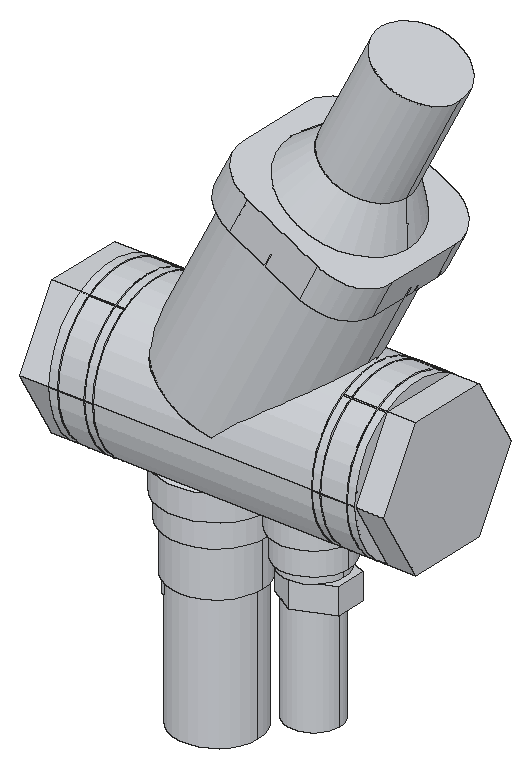
Revit family "Sigma_Compact_DN025 HF_s vyp_RFA_2018", category Pipe Accessories, Revit 2018
Family settings
  Round Connector Dimension = Use Diameter
  Part Type = Valve - Breaks Into
  Work Plane-Based = No
  Always vertical = Yes
  Cut with Voids When Loaded = No
  Shared = No
Parameters (values of type "Sigma Compact DN 25 HF s vypouštěním")
  magiProductId = "353cd751c7f74c09a1eb930e23bd36"
  magiProductFamilyId = "d1104e7aca644fe4921023cda881a0"
  magiPartTypeId = 304
  isMeasuringValve [instance] = no
  ang2D [instance] = 0.00°
  Z6 = 27 mm
  Z5 = 63 mm
  Z4 = 54 mm
  Z3 = 9 mm
  Z2 = 45 mm
  XR2 = 25 mm
  XR1 = 13 mm
  W2D = 15 mm
  VersionID = "2.0/2018.12.13.2/FRESE_SIGMA_PLUG_Q13_001"
  Use Minimum Symbol Size [instance] = no
  URL = "www.hydronic.cz"
  Type Comments = "závitový; vnitřní závit; PN25; max dp=400kPa; -10~+120°C; max uzavírací tlak 1MPa"
  R4 = 15 mm
  R3 = 10 mm
  R2 = 18 mm
  R1 = 19 mm
  QmdConnectorList = "301;D;302;D"
  Productdata [instance] = ""
  NL__ve = -NL  # -16.6 mm
  NL = 16.6 mm
  Manufacturer = "Hydronic System Prague s.r.o."
  MC Use Limits From Balancing Method = no
  MC Throttling Minimum Value = 0
  MC Throttling Maximum Value = 0
  MC Product Code = "53-2229 DN25 FF s měřením a vypouštěním; (137-2400 l/h); kvs=4,2"
  MC Pressure Drop Minimum Value = 0.0 Pa
  MC Pressure Drop Maximum Value = 0.0 Pa
  MC Piping Given Pressure Drop [instance] = 0.0 Pa
  M5 = 34.9 mm
  M4 = 32.9 mm
  M3 = 26.9 mm
  M2 = 24.9 mm
  LP = 41.5 mm
  LM = 49.8 mm
  LL__ve = -LL  # -5.9 mm
  LLT__ve = -LLT  # -16.3 mm
  LLT = 16.3 mm
  LLL = 11 mm
  LL3 = 43 mm
  LL2 = 34 mm
  LL = 5.9 mm
  L3 = 11 mm
  L2D_Min = 30.48 mm
  L2D = 65 mm
  Description = "Automatický vyvažovací ventil"
  DR1 = yes
  DR0 = no
  DL2 = 68 mm
  D = 25 mm
  CenSd_R2_6 = R2 * cos(30.00°)  # 15.588 mm
  CAT0 = yes
  C0D1 = yes
  C0D0 = no
Types (3, lengths in mm): name | magiProductId | Z6 | Z5 | Z4 | Z3 | Z2 | R2 | NL__ve | NL | MC Product Code | M5 | M4 | M3 | M2 | LP | LM | LL__ve | LLT__ve | LLT | LL3 | LL2 | LL | DL2 | D | CenSd_R2_6
  Sigma Compact DN 15 HF s vypouštěním | "e0eed5f915b34df8bba526f8d48f95" | 26.1 | 60.9 | 52.2 | 8.7 | 43.5 | 14 | -15 | 15 | "53-2221 DN15 FF s měřením a vypouštěním; (60-1080 l/h); kvs=2,6" | 32.5 | 30.5 | 24.5 | 22.5 | 37.5 | 45 | -5.7 | -14.9 | 14.9 | 41 | 32 | 5.7 | 66 | 15 | 12.124
  Sigma Compact DN 20 HF s vypouštěním | "4de04bc937484e42b40234d175e017" | 26.1 | 60.9 | 52.2 | 8.7 | 43.5 | 14 | -15.8 | 15.8 | "53-2223 DN20 FF s měřením a vypouštěním; (102-1930 l/h); kvs=4,0" | 33.7 | 31.7 | 25.7 | 23.7 | 39.5 | 47.4 | -5.7 | -14.9 | 14.9 | 41 | 32 | 5.7 | 66 | 20 | 12.124
  Sigma Compact DN 25 HF s vypouštěním | "353cd751c7f74c09a1eb930e23bd36" | 27 | 63 | 54 | 9 | 45 | 18 | -16.6 | 16.6 | "53-2229 DN25 FF s měřením a vypouštěním; (137-2400 l/h); kvs=4,2" | 34.9 | 32.9 | 26.9 | 24.9 | 41.5 | 49.8 | -5.9 | -16.3 | 16.3 | 43 | 34 | 5.9 | 68 | 25 | 15.588
Reference planes
  plane 1 "Center (Front/Back)": y = 0
  plane 2 "XYPLANE": z = 0
  plane 3 "Center (Left/Right)": x = 0
  plane 4 "408": x = 41.5
  plane 5 "407": x = -41.5
  plane 6 "404": z = -37.1
  plane 7 "403": z = -43
  plane 8 "402": z = -68
  plane 9 "213": x = -11
  plane 10 "168": z = -12.3
  plane 11 "167": z = -14.3
  plane 12 "166": z = -20.2
  plane 13 "165": z = -26.1
  plane 14 "164": z = -28.1
  plane 15 "154": z = 0
  plane 16 "152": y = 0
  plane 17 "151": z = -34
  plane 18 "150": x = 11
  plane 19 "75": through (318.218, 0, 679.605) normal (0.891, 0, -0.454)
  plane 20 "74": x = 34.9
  plane 21 "73": x = 32.9
  plane 22 "72": x = 26.9
  plane 23 "71": x = 24.9
  plane 24 "70": x = -34.9
  plane 25 "69": x = -32.9
  plane 26 "68": x = -26.9
  plane 27 "67": y = 0
  plane 28 "66": through (-666.893, 0, 343.166) normal (0.454, 0, 0.891)
  plane 29 "65": x = -24.9
  plane 30 "64": through (335.147, 0, 670.979) normal (0.891, 0, -0.454)
  plane 31 "63": through (-647.825, 0, 380.588) normal (0.454, 0, 0.891)
  plane 32 "62": through (352.076, 0, 662.353) normal (0.891, 0, -0.454)
  plane 33 "61": y = 19
  plane 34 "60": y = -19
  plane 35 "59": through (-643.739, 0, 388.607) normal (0.454, 0, 0.891)
  plane 36 "58": through (-639.653, 0, 396.626) normal (0.454, 0, 0.891)
  plane 37 "56": x = 0
  plane 38 "55": through (-668.255, 0, 340.493) normal (0.454, 0, 0.891)
  plane 39 "102XY": through (-668.255, 0, 340.493) normal (0.454, 0, 0.891)
  plane 40 "102XZ": y = 0
  plane 41 "102YZ": through (340.493, 0, 668.255) normal (0.891, 0, -0.454)
Forms (mm)
  Extrusion 1, solid
    sketch origin (41.5, -750, 0) x (0, 1, 0) y (0, 0, 1)
      loop
        line (768, 0) -> (759, 15.588) -> (741, 15.588) -> (732, 0) -> (741, -15.588) -> (759, -15.588) -> (768, 0)
    from 0 to -16.6 <- "NL__ve"
  Extrusion 2, solid
    sketch origin (-41.5, -750, 0) x (0, 1, 0) y (0, 0, 1)
      loop
        line (732, 0) -> (741, -15.588) -> (759, -15.588) -> (768, 0) -> (759, 15.588) -> (741, 15.588) -> (732, 0)
    from 0 to 16.6 <- "NL"
  Extrusion 3, solid, visible <- "C0D1"
    sketch origin (-750, 0, -68) x (1, 0, 0) y (0, 1, 0)
      loop
        circle (739, 0) r 9.4
    from 0 to 50
  Extrusion 4, solid, visible <- "DR1"
    sketch origin (-750, 0, -37.1) x (1, 0, 0) y (0, 1, 0)
      loop
        line (739, -8) -> (745.928, -4) -> (745.928, 4) -> (739, 8) -> (729.672, 4) -> (729.672, -4) -> (739, -8)
    from 0 to -5.9 <- "LL__ve"
  Extrusion 5, solid, visible <- "DR1"
    sketch origin (-750, 0, -37.1) x (1, 0, 0) y (0, 1, 0)
      loop
        circle (739, 0) r 10.4
    from 0 to 11 <- "LLL"
  Extrusion 6, solid, visible <- "DR1"
    sketch origin (-750, 0, -26.1) x (1, 0, 0) y (0, 1, 0)
      loop
        circle (739, 0) r 11.4
    from 0 to 5.9 <- "LL"
  Extrusion 7, solid, visible <- "DR1"
    sketch origin (-750, 0, -20.2) x (1, 0, 0) y (0, 1, 0)
      loop
        circle (739, 0) r 12.4
    from 0 to 5.9 <- "LL"
  Blend 8, solid, visible <- "DR1"
    base sketch origin (-750, 0, -12.3) x (1, 0, 0) y (0, 1, 0)
      loop
        circle (739, 0) r 9.9
    top sketch origin (-750, 0, -12.3) x (1, 0, 0) y (0, 1, 0)
      loop
        circle (739, 0) r 12.4
    from 0 to -2
  Extrusion 9, solid, visible <- "DR1"
    sketch origin (-750, 0, 0) x (1, 0, 0) y (0, 1, 0)
      loop
        circle (739, 0) r 9.9
    from 0 to -16.3 <- "LLT__ve"
  Extrusion 10, solid, visible <- "C0D0"
    sketch origin (-750, 0, -34) x (1, 0, 0) y (0, 1, 0)
      loop
        circle (739, 0) r 8.4
    from 0 to -25
  Extrusion 11, solid, visible <- "DR0"
    sketch origin (-750, 0, -28.1) x (1, 0, 0) y (0, 1, 0)
      loop
        line (739, -7) -> (745.062, -3.5) -> (745.062, 3.5) -> (739, 7) -> (730.538, 3.5) -> (730.538, -3.5) -> (739, -7)
    from 0 to -5.9 <- "LL__ve"
  Extrusion 12, solid, visible <- "DR0"
    sketch origin (-750, 0, -28.1) x (1, 0, 0) y (0, 1, 0)
      loop
        circle (739, 0) r 9.4
    from 0 to 2
  Extrusion 13, solid, visible <- "DR0"
    sketch origin (-750, 0, -20.2) x (1, 0, 0) y (0, 1, 0)
      loop
        circle (739, 0) r 11.4
    from 0 to 5.9 <- "LL"
  Blend 14, solid, visible <- "DR0"
    base sketch origin (-750, 0, -12.3) x (1, 0, 0) y (0, 1, 0)
      loop
        circle (739, 0) r 8.9
    top sketch origin (-750, 0, -12.3) x (1, 0, 0) y (0, 1, 0)
      loop
        circle (739, 0) r 11.4
    from 0 to -2
  Extrusion 15, solid, visible <- "DR0"
    sketch origin (-750, 0, 0) x (1, 0, 0) y (0, 1, 0)
      loop
        circle (739, 0) r 8.9
    from 0 to -16.3 <- "LLT__ve"
  Extrusion 16, solid, visible <- "DR0"
    sketch origin (-750, 0, 0) x (1, 0, 0) y (0, 1, 0)
      loop
        circle (739, 0) r 8.9
    from 0 to -16.3 <- "LLT__ve"
  Blend 17, solid, visible <- "DR0"
    base sketch origin (-750, 0, -12.3) x (1, 0, 0) y (0, 1, 0)
      loop
        circle (739, 0) r 8.9
    top sketch origin (-750, 0, -12.3) x (1, 0, 0) y (0, 1, 0)
      loop
        circle (739, 0) r 11.4
    from 0 to -2
  Extrusion 18, solid, visible <- "DR0"
    sketch origin (-750, 0, -20.2) x (1, 0, 0) y (0, 1, 0)
      loop
        circle (739, 0) r 11.4
    from 0 to 5.9 <- "LL"
  Extrusion 19, solid, visible <- "DR0"
    sketch origin (-750, 0, -26.1) x (1, 0, 0) y (0, 1, 0)
      loop
        circle (739, 0) r 10.4
    from 0 to 5.9 <- "LL"
  Extrusion 20, solid, visible <- "DR0"
    sketch origin (-750, 0, -28.1) x (1, 0, 0) y (0, 1, 0)
      loop
        circle (739, 0) r 9.4
    from 0 to 2
  Extrusion 21, solid, visible <- "DR0"
    sketch origin (-750, 0, -28.1) x (1, 0, 0) y (0, 1, 0)
      loop
        line (739, -7) -> (745.062, -3.5) -> (745.062, 3.5) -> (739, 7) -> (730.538, 3.5) -> (730.538, -3.5) -> (739, -7)
    from 0 to -5.9 <- "LL__ve"
  Extrusion 22, solid, visible <- "C0D0"
    sketch origin (-750, 0, -34) x (1, 0, 0) y (0, 1, 0)
      loop
        circle (739, 0) r 8.4
    from 0 to -25
  Extrusion 23, solid, visible <- "CAT0"
    sketch origin (-750, 0, -34) x (1, 0, 0) y (0, 1, 0)
      loop
        circle (761, 0) r 6
    from 0 to -25
  Extrusion 24, solid
    sketch origin (-750, 0, -28.1) x (1, 0, 0) y (0, 1, 0)
      loop
        line (761, -7) -> (769.462, -3.5) -> (769.462, 3.5) -> (761, 7) -> (754.938, 3.5) -> (754.938, -3.5) -> (761, -7)
    from 0 to -5.9 <- "LL__ve"
  Extrusion 25, solid
    sketch origin (-750, 0, -28.1) x (1, 0, 0) y (0, 1, 0)
      loop
        circle (761, 0) r 7
    from 0 to 2
  Extrusion 26, solid
    sketch origin (-750, 0, -26.1) x (1, 0, 0) y (0, 1, 0)
      loop
        circle (761, 0) r 8
    from 0 to 5.9 <- "LL"
  Extrusion 27, solid
    sketch origin (-750, 0, -20.2) x (1, 0, 0) y (0, 1, 0)
      loop
        circle (761, 0) r 9
    from 0 to 5.9 <- "LL"
  Blend 28, solid
    base sketch origin (-750, 0, -12.3) x (1, 0, 0) y (0, 1, 0)
      loop
        circle (761, 0) r 6.5
    top sketch origin (-750, 0, -12.3) x (1, 0, 0) y (0, 1, 0)
      loop
        circle (761, 0) r 9
    from 0 to -2
  Extrusion 29, solid
    sketch origin (-750, 0, 0) x (1, 0, 0) y (0, 1, 0)
      loop
        circle (761, 0) r 6.5
    from 0 to -16.3 <- "LLT__ve"
  Blend 30, solid, visible <- "CAT0"
    base sketch origin (32.9, -750, 0) x (0, 1, 0) y (0, 0, 1)
      loop
        circle (750, 0) r 18
    top sketch origin (32.9, -750, 0) x (0, 1, 0) y (0, 0, 1)
      loop
        circle (750, 0) r 18
    from 0 to 2
  Extrusion 31, solid, visible <- "CAT0"
    sketch origin (26.9, -750, 0) x (0, 1, 0) y (0, 0, 1)
      loop
        circle (750, 0) r 18
    from 0 to 6
  Blend 32, solid, visible <- "CAT0"
    base sketch origin (24.9, -750, 0) x (0, 1, 0) y (0, 0, 1)
      loop
        circle (750, 0) r 18
    top sketch origin (24.9, -750, 0) x (0, 1, 0) y (0, 0, 1)
      loop
        circle (750, 0) r 18
    from 0 to 2
  Blend 33, solid, visible <- "CAT0"
    base sketch origin (-32.9, -750, 0) x (0, 1, 0) y (0, 0, 1)
      loop
        circle (750, 0) r 18
    top sketch origin (-32.9, -750, 0) x (0, 1, 0) y (0, 0, 1)
      loop
        circle (750, 0) r 18
    from 0 to -2
  Extrusion 34, solid, visible <- "CAT0"
    sketch origin (-32.9, -750, 0) x (0, 1, 0) y (0, 0, 1)
      loop
        circle (750, 0) r 18
    from 0 to 6
  Blend 35, solid, visible <- "CAT0"
    base sketch origin (-26.9, -750, 0) x (0, 1, 0) y (0, 0, 1)
      loop
        circle (750, 0) r 18
    top sketch origin (-26.9, -750, 0) x (0, 1, 0) y (0, 0, 1)
      loop
        circle (750, 0) r 18
    from 0 to 2
  Extrusion 36, solid, visible <- "CAT0"
    sketch origin (-24.9, -750, 0) x (0, 1, 0) y (0, 0, 1)
      loop
        circle (750, 0) r 18
    from 0 to 49.8 <- "LM"
  Extrusion 37, solid, visible <- "CAT0"
    sketch origin (-666.893, 0, 343.166) x (0.891007, 0, -0.45399) y (0, 1, 0)
      loop
        circle (744, 0) r 19
    from 0 to 45 <- "Z2"
  Extrusion 38, solid, visible <- "CAT0"
    sketch origin (-647.825, 0, 380.588) x (0.891007, 0, -0.45399) y (0, 1, 0)
      loop
        arc (735, 19) -> (727.929, 16.071) -> (725, 9) r 10
        line (725, 9) -> (725, -9)
        arc (725, -9) -> (727.929, -16.071) -> (735, -19) r 10
        line (735, -19) -> (753, -19)
        arc (753, -19) -> (760.071, -16.071) -> (763, -9) r 10
        line (763, -9) -> (763, 9)
        arc (763, 9) -> (760.071, 16.071) -> (753, 19) r 10
        line (753, 19) -> (735, 19)
    from 0 to 9 <- "Z3"
  Blend 39, solid, visible <- "CAT0"
    base sketch origin (-643.739, 0, 388.607) x (0.891007, 0, -0.45399) y (0, 1, 0)
      loop
        circle (744, 0) r 15
    top sketch origin (-643.739, 0, 388.607) x (0.891007, 0, -0.45399) y (0, 1, 0)
      loop
        circle (744, 0) r 10
    from 0 to 9
  Extrusion 40, solid, visible <- "CAT0"
    sketch origin (-639.653, 0, 396.626) x (0.891007, 0, -0.45399) y (0, 1, 0)
      loop
        circle (744, 0) r 10
    from 0 to 27 <- "Z6"
  Blend 41, solid, visible <- "CAT0"
    base sketch origin (-668.255, 0, 340.493) x (0.891007, 0, -0.45399) y (0, 1, 0)
      loop
        circle (744, 0) r 15
    top sketch origin (-668.255, 0, 340.493) x (0.891007, 0, -0.45399) y (0, 1, 0)
      loop
        circle (744, 0) r 19
    from 0 to 3
  Extrusion 42, solid, not visible
    sketch origin (-34.9, -750, 0) x (0, 1, 0) y (0, 0, 1)
      loop
        circle (750, 0) r 10
    from 0 to 10
  Extrusion 43, solid, not visible
    sketch origin (34.9, -750, 0) x (0, 1, 0) y (0, 0, 1)
      loop
        circle (750, 0) r 10
    from 0 to -10
Lines and regions (mm)
  reference lines, not visible
    curve 1: circle (2, 2, 0) r 1 normal (0, 0, 1)
  reference lines
    curve 2: line (41.5, 0, 0) -> (41.5, -3.5, 6.062)
    curve 3: line (41.5, 0, 0) -> (41.5, -7, 0)
    curve 4: line (41.5, 0, 0) -> (41.5, -3.5, -6.062)
    curve 5: line (-41.5, 0, 0) -> (-41.5, 3.5, 6.062)
    curve 6: line (-41.5, 0, 0) -> (-41.5, 7, 0)
    curve 7: line (-41.5, 0, 0) -> (-41.5, 3.5, -6.062)
Dimensions and locks
  plane 1 "Center (Front/Back)" to curve 1 = 2 mm
  "LP": plane 37 "56" to plane 4 "408"
  "LP": plane 37 "56" to plane 5 "407"
  "LL": plane 7 "403" to plane 6 "404"
  "LL3": plane 2 "XYPLANE" to plane 7 "403"
  "DL2": plane 2 "XYPLANE" to plane 8 "402"
  "L3": plane 3 "Center (Left/Right)" to plane 9 "213"
  locked: plane 11 "167" to plane 10 "168" at 2
  "LL": plane 12 "166" to plane 11 "167"
  "LL": plane 13 "165" to plane 12 "166"
  locked: plane 14 "164" to plane 13 "165" at 2
  "LL": plane 17 "151" to plane 14 "164"
  locked: plane 2 "XYPLANE" to plane 15 "154"
  locked: plane 1 "Center (Front/Back)" to plane 16 "152"
  "LL2": plane 2 "XYPLANE" to plane 17 "151"
  "L3": plane 3 "Center (Left/Right)" to plane 18 "150"
  "XR2": plane 41 "102YZ" to plane 19 "75"
  "M5": plane 3 "Center (Left/Right)" to plane 20 "74"
  "M4": plane 3 "Center (Left/Right)" to plane 21 "73"
  "M3": plane 3 "Center (Left/Right)" to plane 22 "72"
  "M2": plane 3 "Center (Left/Right)" to plane 23 "71"
  "M5": plane 3 "Center (Left/Right)" to plane 24 "70"
  "M4": plane 3 "Center (Left/Right)" to plane 25 "69"
  "M3": plane 3 "Center (Left/Right)" to plane 26 "68"
  locked: plane 16 "152" to plane 27 "67"
  locked: plane 39 "102XY" to plane 28 "66" at 3
  "M2": plane 3 "Center (Left/Right)" to plane 29 "65"
  locked: plane 41 "102YZ" to plane 30 "64" at 6
  "Z2": plane 39 "102XY" to plane 31 "63"
  "XR1": plane 41 "102YZ" to plane 32 "62"
  "R1": plane 16 "152" to plane 33 "61"
  "R1": plane 16 "152" to plane 34 "60"
  "Z4": plane 39 "102XY" to plane 35 "59"
  "Z5": plane 39 "102XY" to plane 36 "58"
  locked: plane 3 "Center (Left/Right)" to plane 37 "56"
  locked: plane 39 "102XY" to plane 38 "55"
  "CenSd_R2_6": curve 2 to Extrusion 1 sketch curve  (x2)
  "CenSd_R2_6": curve 3 to Extrusion 1 sketch curve  (x2)
  "CenSd_R2_6": curve 4 to Extrusion 1 sketch curve  (x2)
  Extrusion 1 sketch curve to Extrusion 1 sketch curve = 0 mm  (x12)
  "CenSd_R2_6": curve 5 to Extrusion 2 sketch curve  (x2)
  "CenSd_R2_6": curve 6 to Extrusion 2 sketch curve  (x2)
  "CenSd_R2_6": curve 7 to Extrusion 2 sketch curve  (x2)
  Extrusion 2 sketch curve to Extrusion 2 sketch curve = 0 mm  (x12)
  Extrusion 4 sketch curve to Extrusion 4 sketch curve = 0 mm  (x12)
  Extrusion 11 sketch curve to Extrusion 11 sketch curve = 0 mm  (x12)
  Extrusion 21 sketch curve to Extrusion 21 sketch curve = 0 mm  (x12)
  Extrusion 24 sketch curve to Extrusion 24 sketch curve = 0 mm  (x12)
  Extrusion 38 sketch curve to Extrusion 38 sketch curve = 0 mm  (x16)
  "R2": radius of Blend 30 sketch curve  (x2)
  "R2": radius of Extrusion 31 sketch curve
  "R2": radius of Blend 32 sketch curve  (x2)
  "R2": radius of Blend 33 sketch curve  (x2)
  "R2": radius of Extrusion 34 sketch curve
  "R2": radius of Blend 35 sketch curve  (x2)
  "R2": radius of Extrusion 36 sketch curve
  "R1": radius of Extrusion 37 sketch curve
  radius of Extrusion 38 sketch curve = 10 mm  (x4)
  "R3": radius of Blend 39 sketch curve
  "R4": radius of Blend 39 sketch curve
  "R3": radius of Extrusion 40 sketch curve
  "R1": radius of Blend 41 sketch curve
  locked: curve 3 to curve 2 (angle 60.00°)
  locked: curve 4 to curve 3 (angle 60.00°)
  locked: curve 4 to curve 2 (angle 120.00°)
  locked: curve 6 to curve 5 (angle 60.00°)
  locked: curve 7 to curve 6 (angle 60.00°)
  locked: curve 7 to curve 5 (angle 120.00°)
  aligned and locked: level to plane 2 "XYPLANE"
  aligned and locked: plane 15 "154" to curve 4
  aligned and locked: curve 4 to plane 16 "152"
  aligned and locked: plane 15 "154" to curve 7
  aligned and locked: curve 7 to plane 16 "152"
  aligned and locked: plane 9 "213" to Extrusion 3 sketch curve
  aligned and locked: plane 16 "152" to Extrusion 3 sketch curve
  aligned and locked: plane 9 "213" to Extrusion 5 sketch curve
  aligned and locked: plane 16 "152" to Extrusion 5 sketch curve
  aligned and locked: plane 9 "213" to Extrusion 6 sketch curve
  aligned and locked: plane 16 "152" to Extrusion 6 sketch curve
  aligned and locked: plane 9 "213" to Extrusion 7 sketch curve
  aligned and locked: plane 16 "152" to Extrusion 7 sketch curve
  aligned and locked: plane 9 "213" to Blend 8 sketch curve  (x2)
  aligned and locked: plane 16 "152" to Blend 8 sketch curve  (x2)
  aligned and locked: Blend 8 to plane 11 "167"
  aligned and locked: plane 9 "213" to Extrusion 9 sketch curve
  aligned and locked: plane 16 "152" to Extrusion 9 sketch curve
  aligned and locked: plane 9 "213" to Extrusion 10 sketch curve
  aligned and locked: plane 16 "152" to Extrusion 10 sketch curve
  aligned and locked: plane 9 "213" to Extrusion 12 sketch curve
  aligned and locked: plane 16 "152" to Extrusion 12 sketch curve
  aligned and locked: plane 9 "213" to Extrusion 13 sketch curve
  aligned and locked: plane 16 "152" to Extrusion 13 sketch curve
  aligned and locked: plane 9 "213" to Blend 14 sketch curve  (x2)
  aligned and locked: plane 16 "152" to Blend 14 sketch curve  (x2)
  aligned and locked: Blend 14 to plane 11 "167"
  aligned and locked: plane 9 "213" to Extrusion 15 sketch curve
  aligned and locked: plane 16 "152" to Extrusion 15 sketch curve
  aligned and locked: plane 9 "213" to Extrusion 16 sketch curve
  aligned and locked: plane 16 "152" to Extrusion 16 sketch curve
  aligned and locked: plane 9 "213" to Blend 17 sketch curve  (x2)
  aligned and locked: plane 16 "152" to Blend 17 sketch curve  (x2)
  aligned and locked: Blend 17 to plane 11 "167"
  aligned and locked: plane 9 "213" to Extrusion 18 sketch curve
  aligned and locked: plane 16 "152" to Extrusion 18 sketch curve
  aligned and locked: plane 9 "213" to Extrusion 19 sketch curve
  aligned and locked: plane 16 "152" to Extrusion 19 sketch curve
  aligned and locked: plane 9 "213" to Extrusion 20 sketch curve
  aligned and locked: plane 16 "152" to Extrusion 20 sketch curve
  aligned and locked: plane 9 "213" to Extrusion 22 sketch curve
  aligned and locked: plane 16 "152" to Extrusion 22 sketch curve
  aligned and locked: plane 16 "152" to Extrusion 23 sketch curve
  aligned and locked: plane 18 "150" to Extrusion 23 sketch curve
  aligned and locked: plane 16 "152" to Extrusion 25 sketch curve
  aligned and locked: plane 18 "150" to Extrusion 25 sketch curve
  aligned and locked: plane 16 "152" to Extrusion 26 sketch curve
  aligned and locked: plane 18 "150" to Extrusion 26 sketch curve
  aligned and locked: plane 16 "152" to Extrusion 27 sketch curve
  aligned and locked: plane 18 "150" to Extrusion 27 sketch curve
  aligned and locked: plane 16 "152" to Blend 28 sketch curve  (x2)
  aligned and locked: plane 18 "150" to Blend 28 sketch curve  (x2)
  aligned and locked: Blend 28 to plane 11 "167"
  aligned and locked: plane 16 "152" to Extrusion 29 sketch curve
  aligned and locked: plane 18 "150" to Extrusion 29 sketch curve
  aligned and locked: plane 15 "154" to Blend 30 sketch curve  (x2)
  aligned and locked: Blend 30 sketch curve to plane 16 "152"  (x2)
  aligned and locked: plane 20 "74" to Blend 30
  aligned and locked: plane 15 "154" to Extrusion 31 sketch curve
  aligned and locked: Extrusion 31 sketch curve to plane 16 "152"
  aligned and locked: plane 15 "154" to Blend 32 sketch curve  (x2)
  aligned and locked: Blend 32 sketch curve to plane 16 "152"  (x2)
  aligned and locked: plane 22 "72" to Blend 32
  aligned and locked: plane 15 "154" to Blend 33 sketch curve  (x2)
  aligned and locked: Blend 33 sketch curve to plane 16 "152"  (x2)
  aligned and locked: Blend 33 to plane 24 "70"
  aligned and locked: plane 15 "154" to Extrusion 34 sketch curve
  aligned and locked: Extrusion 34 sketch curve to plane 16 "152"
  aligned and locked: plane 15 "154" to Blend 35 sketch curve  (x2)
  aligned and locked: Blend 35 sketch curve to plane 16 "152"  (x2)
  aligned and locked: plane 29 "65" to Blend 35
  aligned and locked: plane 15 "154" to Extrusion 36 sketch curve
  aligned and locked: Extrusion 36 sketch curve to plane 16 "152"
  aligned and locked: plane 27 "67" to Extrusion 37 sketch curve
  aligned and locked: Extrusion 37 sketch curve to plane 30 "64"
  aligned and locked: Extrusion 38 sketch curve to plane 19 "75"
  aligned and locked: Extrusion 38 sketch curve to plane 34 "60"
  aligned and locked: Extrusion 38 sketch curve to plane 32 "62"
  aligned and locked: plane 33 "61" to Extrusion 38 sketch curve
  aligned and locked: plane 27 "67" to Blend 39 sketch curve  (x2)
  aligned and locked: Blend 39 sketch curve to plane 30 "64"  (x2)
  aligned and locked: plane 36 "58" to Blend 39
  aligned and locked: plane 27 "67" to Extrusion 40 sketch curve
  aligned and locked: Extrusion 40 sketch curve to plane 30 "64"
  aligned and locked: plane 27 "67" to Blend 41 sketch curve  (x2)
  aligned and locked: Blend 41 sketch curve to plane 30 "64"  (x2)
  aligned and locked: plane 28 "66" to Blend 41
  aligned and locked: plane 15 "154" to Extrusion 42 sketch curve
  aligned and locked: Extrusion 42 sketch curve to plane 16 "152"
  aligned and locked: plane 15 "154" to Extrusion 43 sketch curve
  aligned and locked: Extrusion 43 sketch curve to plane 16 "152"
Automatic sketch dimensions
  plane 29 "65" to Extrusion 3 sketch curve = 4.5 mm
  Extrusion 4 sketch curve to plane 9 "213" = 0 mm  (x2)
  plane 29 "65" to Extrusion 4 sketch curve = 4.572 mm
  Extrusion 4 sketch curve to plane 3 "Center (Left/Right)" = 4.072 mm
  plane 1 "Center (Front/Back)" to Extrusion 4 sketch curve = 8 mm
  plane 1 "Center (Front/Back)" to Extrusion 4 sketch curve = 4 mm  (x2)
  Extrusion 4 sketch curve to plane 1 "Center (Front/Back)" = 4 mm  (x2)
  Extrusion 4 sketch curve to Extrusion 4 sketch curve = 4 mm
  plane 29 "65" to Extrusion 5 sketch curve = 3.5 mm
  plane 29 "65" to Extrusion 6 sketch curve = 2.5 mm
  plane 29 "65" to Extrusion 7 sketch curve = 1.5 mm
  plane 29 "65" to Blend 8 sketch curve = 4 mm
  plane 29 "65" to Blend 8 sketch curve = 1.5 mm
  plane 29 "65" to Extrusion 9 sketch curve = 4 mm
  plane 29 "65" to Extrusion 10 sketch curve = 5.5 mm
  Extrusion 11 sketch curve to plane 9 "213" = 0 mm  (x2)
  plane 29 "65" to Extrusion 11 sketch curve = 5.438 mm
  Extrusion 11 sketch curve to plane 3 "Center (Left/Right)" = 4.938 mm
  plane 1 "Center (Front/Back)" to Extrusion 11 sketch curve = 7 mm
  plane 1 "Center (Front/Back)" to Extrusion 11 sketch curve = 3.5 mm  (x2)
  Extrusion 11 sketch curve to plane 1 "Center (Front/Back)" = 3.5 mm  (x2)
  Extrusion 11 sketch curve to Extrusion 11 sketch curve = 3.5 mm
  plane 29 "65" to Extrusion 12 sketch curve = 4.5 mm
  plane 29 "65" to Extrusion 13 sketch curve = 2.5 mm
  plane 29 "65" to Blend 14 sketch curve = 5 mm
  plane 29 "65" to Blend 14 sketch curve = 2.5 mm
  plane 29 "65" to Extrusion 15 sketch curve = 5 mm
  plane 29 "65" to Extrusion 16 sketch curve = 5 mm
  plane 29 "65" to Blend 17 sketch curve = 5 mm
  plane 29 "65" to Blend 17 sketch curve = 2.5 mm
  plane 29 "65" to Extrusion 18 sketch curve = 2.5 mm
  plane 29 "65" to Extrusion 19 sketch curve = 3.5 mm
  plane 29 "65" to Extrusion 20 sketch curve = 4.5 mm
  Extrusion 21 sketch curve to plane 9 "213" = 0 mm  (x2)
  plane 29 "65" to Extrusion 21 sketch curve = 5.438 mm
  Extrusion 21 sketch curve to plane 3 "Center (Left/Right)" = 4.938 mm
  plane 1 "Center (Front/Back)" to Extrusion 21 sketch curve = 7 mm
  plane 1 "Center (Front/Back)" to Extrusion 21 sketch curve = 3.5 mm  (x2)
  Extrusion 21 sketch curve to plane 1 "Center (Front/Back)" = 3.5 mm  (x2)
  Extrusion 21 sketch curve to Extrusion 21 sketch curve = 3.5 mm
  plane 29 "65" to Extrusion 22 sketch curve = 5.5 mm
  plane 3 "Center (Left/Right)" to Extrusion 23 sketch curve = 5 mm
  Extrusion 24 sketch curve to plane 18 "150" = 0 mm  (x2)
  plane 3 "Center (Left/Right)" to Extrusion 24 sketch curve = 4.938 mm
  Extrusion 24 sketch curve to plane 23 "71" = 5.438 mm
  plane 1 "Center (Front/Back)" to Extrusion 24 sketch curve = 7 mm
  plane 1 "Center (Front/Back)" to Extrusion 24 sketch curve = 3.5 mm  (x2)
  Extrusion 24 sketch curve to plane 1 "Center (Front/Back)" = 3.5 mm  (x2)
  Extrusion 24 sketch curve to Extrusion 24 sketch curve = 3.5 mm
  plane 3 "Center (Left/Right)" to Extrusion 25 sketch curve = 4 mm
  plane 3 "Center (Left/Right)" to Extrusion 26 sketch curve = 3 mm
  plane 3 "Center (Left/Right)" to Extrusion 27 sketch curve = 2 mm
  plane 3 "Center (Left/Right)" to Blend 28 sketch curve = 4.5 mm
  plane 3 "Center (Left/Right)" to Blend 28 sketch curve = 2 mm
  plane 3 "Center (Left/Right)" to Extrusion 29 sketch curve = 4.5 mm
  plane 19 "75" to Blend 41 sketch curve = 4 mm
  plane 34 "60" to Extrusion 42 sketch curve = 9 mm
  plane 34 "60" to Extrusion 43 sketch curve = 9 mm
  plane 3 "Center (Left/Right)" to curve 1 = 2 mm
  radius of curve 1 = 1 mm
Connectors
  piping at (-34.9, 0, 0), diameter 25, driven by "D"
    settings: on Extrusion 42, index 1, connector inside diameter 609.6 mm, connector length 0 mm, flow factor 0, pipe flow 0.0 L/s, pressure drop 0.0 Pa, fitting loss kfactor 0, connector angle 0.00°, fixture units 0, engagement length 0 mm, angle of deflection 0.00°, flow configuration 0, flow direction 0, fitting loss method 0, system type 29, joint type 0, gender type 0, connector reference index 2, connector utility 0, adjustable connector no, is connector primary yes, connector description ""
  piping at (34.9, 0, 0), diameter 25, driven by "D"
    settings: on Extrusion 43, index 2, connector inside diameter 609.6 mm, connector length 0 mm, flow factor 0, pipe flow 0.0 L/s, pressure drop 0.0 Pa, fitting loss kfactor 0, connector angle 0.00°, fixture units 0, engagement length 0 mm, angle of deflection 0.00°, flow configuration 0, flow direction 0, fitting loss method 0, system type 29, joint type 0, gender type 0, connector reference index 1, connector utility 0, adjustable connector no, is connector primary no, connector description ""
